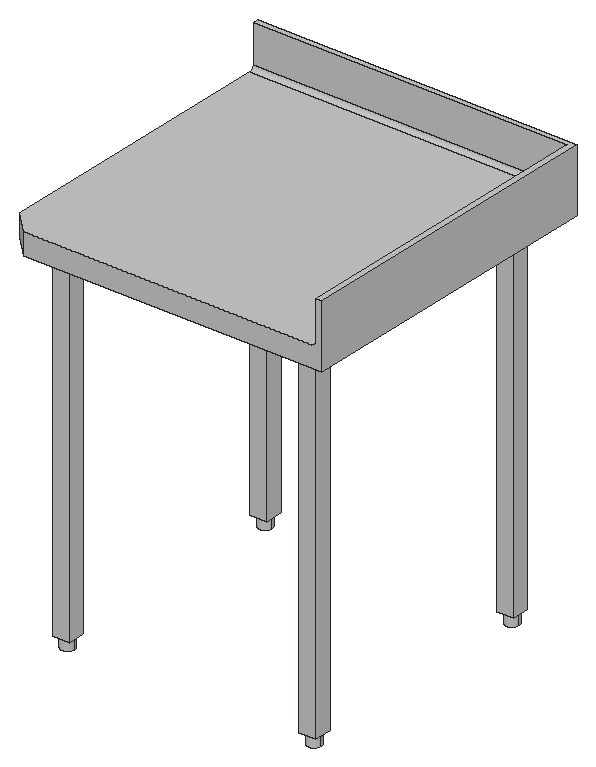
Revit family "QF_ZANUSSI_132760_TGAPN", category Attrezzature speciali, Revit 2020
Family settings
  Quota connettore circolare = Usa diametro
  Tipo di parte = Normale
  Basato su piano di lavoro = No
  Sempre verticale = Sì
  Taglio con vuoti quando caricato = No
  Condiviso = No
  Punto di calcolo locali = No
Parameters (values of type "Standard")
  Weight = 35.00 kg
  Watts = 0 W
  Volts = 0 V
  URL Manufacturer = "http://www.zanussiprofessional.com"
  URL = "http://www.zanussiprofessional.com"
  Steam Supply Size = 0 mm
  Steam Supply Minimum Pressure = 0.0 Pa
  Steam Supply Maximum Pressure = 0.0 Pa
  Steam Consumption per Hour = 0
  Refrigeration Suction Line Size = 0.0 mm
  Refrigeration Liquid Line Size = 0.0 mm
  Refrigerant Compressor Remote = yes
  Prospetto di default = 0.0 mm
  Produttore = "Zanussi"
  Phase = 0
  Modello = "TGAPN"
  Length Actual = 750.0 mm  # constant formula
  Item Number = "132760"
  Hot Water Size = 0 mm
  Height Actual = 1000.0 mm  # constant formula
  HP = "0 HP"
  Gas Size = 0 mm
  Gas KW = 0
  Gas Input Pressure = 0 W
  Direct Waste Size = 0 mm
  Descrizione = "CORNER TYPE WORK TABLE 750X750 MM"
  Depth Actual = 750.0 mm  # constant formula
  Cycle = 0 Hz
  Condensate Return Size = 0 mm
  Compressed Air Volume = 0.0 L/s
  Compressed Air Size = 0 mm
  Compressed Air Pressure = 0.0 Pa
  Cold Water Size = 0 mm
  Accessory = yes
Reference planes
  plane 1 "Center (Front/Back)": y = 0
  plane 2: z = 0
  plane 3 "Center (Left/Right)": x = 0
  plane 4 "LEFT": x = -375
  plane 5 "RIGHT": x = 375
  plane 6 "BACK": y = 375
  plane 7 "FRONT": y = -375
  plane 8 "Base": z = 850
  plane 9 "TOP": z = 900
  plane 10: x = -290.5
  plane 11: x = 290.5
  plane 12: y = 290.5
  plane 13: y = -290.5
Forms (mm)
  Extrusion 1, solid, material "QF_Finishes_Stainless Steel"
    sketch origin (0, 0, 0) x (0, 1, 0) y (0, 0, 1)
      loop
        line (375, 900) -> (375, 1000) -> (362, 1000) -> (362, 910)
        arc (362, 910) -> (359.071, 902.929) -> (352, 900) r 10
        line (352, 900) -> (375, 900)
    from 375 to -375
  Extrusion 2, solid, material "QF_Finishes_Stainless Steel"
    sketch origin (0, 0, -100) x (1, 0, 0) y (0, 0, 1)
      loop
        line (375, 1000) -> (375, 1100) -> (362, 1100) -> (362, 1010)
        arc (362, 1010) -> (359.071, 1002.929) -> (352, 1000) r 10
        line (352, 1000) -> (375, 1000)
    from 375 to -375
  Extrusion 3, solid, material "QF_Finishes_Stainless Steel"
    sketch origin (0, 0, 850) x (0, 1, 0) y (-1, 0, 0)
      loop
        line (-375, 325) -> (-375, -375) -> (375, -375) -> (375, 375) -> (-325, 375) -> (-375, 325)
    from 0 to 50
Cuts and joins
  joined: Extrusion 1, Extrusion 2, Extrusion 3
Lines and regions (mm)
  symbolic lines
    curve 1: line (375, 375, 900) -> (-375, 375, 900)
    curve 2: line (-375, 375, 900) -> (-375, -325, 900)
    curve 3: line (-325, -375, 900) -> (375, -375, 900)
    curve 4: line (375, -375, 900) -> (375, 375, 900)
    curve 5: line (362, 362, 900) -> (-375, 362, 900)
    curve 6: line (362, 362, 900) -> (362, -375, 900)
    curve 7: line (-375, -325, 900) -> (-325, -375, 900)
Dimensions and locks
  plane 4 "LEFT" to plane 5 "RIGHT" = 750.0 mm
  equal spacing: plane 4 "LEFT", plane 3 "Center (Left/Right)", plane 5 "RIGHT"
  equal spacing: plane 6 "BACK", plane 1 "Center (Front/Back)", plane 7 "FRONT"
  plane 6 "BACK" to plane 7 "FRONT" = 750.0 mm
  locked: plane 8 "Base" to level at 850
  plane 6 "BACK" to plane 12 = 84.5 mm
  plane 13 to plane 7 "FRONT" = 84.5 mm
  plane 4 "LEFT" to plane 10 = 84.5 mm
  plane 11 to plane 5 "RIGHT" = 84.5 mm
  plane 10 to plane 11 = 581.0 mm
  plane 12 to plane 13 = 581.0 mm
  locked: Extrusion 1 to level at 1000
  plane 9 "TOP" to level = 900.0 mm
  aligned and locked: level to plane 2
  aligned and locked: plane 10 to nested 1
  aligned and locked: nested 1 to plane 13
  aligned and locked: plane 11 to nested 2
  aligned and locked: nested 2 to plane 13
  aligned and locked: plane 11 to nested 4
  aligned and locked: nested 4 to plane 12
  aligned and locked: plane 10 to nested 3
  aligned and locked: nested 3 to plane 12
  aligned and locked: Extrusion 1 to plane 4 "LEFT"
  aligned and locked: plane 5 "RIGHT" to Extrusion 1
  aligned and locked: plane 6 "BACK" to Extrusion 2
  aligned and locked: Extrusion 2 to plane 7 "FRONT"
  aligned and locked: Extrusion 3 sketch curve to plane 4 "LEFT"
  aligned and locked: plane 6 "BACK" to Extrusion 3 sketch curve
  aligned and locked: plane 5 "RIGHT" to Extrusion 3 sketch curve
  aligned and locked: plane 9 "TOP" to cut or joined group of Extrusion 1, Extrusion 2, Extrusion 3
  aligned and locked: cut or joined group of Extrusion 1, Extrusion 2, Extrusion 3 to plane 4 "LEFT"
  aligned and locked: plane 5 "RIGHT" to cut or joined group of Extrusion 1, Extrusion 2, Extrusion 3
  aligned and locked: plane 6 "BACK" to cut or joined group of Extrusion 1, Extrusion 2, Extrusion 3
  aligned and locked: cut or joined group of Extrusion 1, Extrusion 2, Extrusion 3 to plane 7 "FRONT"
Automatic sketch dimensions
  Extrusion 1 sketch curve to plane 9 "TOP" = 0.0 mm
  Extrusion 1 sketch curve to plane 6 "BACK" = 0.0 mm
  Extrusion 1 sketch curve to plane 6 "BACK" = 13.0 mm
  Extrusion 1 sketch curve to Extrusion 1 sketch curve = 10.0 mm
  Extrusion 1 sketch curve to Extrusion 1 sketch curve = 90.0 mm
  Extrusion 2 sketch curve to plane 5 "RIGHT" = 0.0 mm
  Extrusion 2 sketch curve to plane 5 "RIGHT" = 13.0 mm
  Extrusion 2 sketch curve to Extrusion 2 sketch curve = 10.0 mm
  plane 9 "TOP" to Extrusion 2 sketch curve = 0.0 mm
  Extrusion 2 sketch curve to Extrusion 2 sketch curve = 90.0 mm
  Extrusion 3 sketch curve to plane 7 "FRONT" = 0.0 mm
  Extrusion 3 sketch curve to plane 13 = 34.5 mm
  Extrusion 3 sketch curve to plane 10 = 34.5 mm
  curve 4 to plane 5 "RIGHT" = 0.0 mm
  curve 4 to plane 7 "FRONT" = 0.0 mm
  curve 2 to plane 4 "LEFT" = 0.0 mm
  curve 4 to plane 6 "BACK" = 0.0 mm
  curve 5 to plane 6 "BACK" = 13.0 mm
  curve 6 to plane 5 "RIGHT" = 13.0 mm
  curve 2 to plane 13 = 34.5 mm
  curve 3 to plane 10 = 34.5 mm
Nested families
  nested 1: "FEET_40x40" at (-290.5, -290.5, 0), type "FEET_40x40"
  nested 2: "FEET_40x40" at (290.5, -290.5, 0), type "FEET_40x40"
  nested 3: "FEET_40x40" at (-290.5, 290.5, 0), type "FEET_40x40"
  nested 4: "FEET_40x40" at (290.5, 290.5, 0), type "FEET_40x40"
Definition of nested family "FEET_40x40"
  Parameters
    Default Elevation = 0.0 mm
    FEET = 850.0 mm
  Reference planes
    plane 1 "Center (Front/Back)": y = 0
    plane 2: z = 0
    plane 3 "Center (Left/Right)": x = 0
    plane 4: z = 850
  Forms (mm)
    Extrusion 1, solid
      sketch origin (0, 0, 0) x (1, 0, 0) y (0, 1, 0)
        loop
          line (-20, -20) -> (20, -20) -> (20, 20) -> (-20, 20) -> (-20, -20)
      from 25 to 845
    Extrusion 2, solid
      sketch origin (0, 0, 0) x (1, 0, 0) y (0, 1, 0)
        loop
          circle (0, 0) r 16
      from 0 to 25
    Extrusion 3, solid
      sketch origin (0, 0, 0) x (1, 0, 0) y (0, 1, 0)
        loop
          line (30, 30) -> (-30, 30) -> (-30, -30) -> (30, -30) -> (30, 30)
      from 845 to 850
  Lines and regions (mm)
    symbolic lines
      curve 1: line (0, -1.503, 0) -> (0, 1.508, 0)
      curve 2: line (1.561, 0, 0) -> (-1.439, 0, 0)
  Dimensions and locks
    "FEET": plane 4 to plane 2
    aligned and locked: level to plane 2
  Automatic sketch dimensions
    Extrusion 1 sketch curve to plane 3 "Center (Left/Right)" = 20.0 mm
    plane 3 "Center (Left/Right)" to Extrusion 1 sketch curve = 20.0 mm
    plane 1 "Center (Front/Back)" to Extrusion 1 sketch curve = 20.0 mm
    Extrusion 1 sketch curve to plane 1 "Center (Front/Back)" = 20.0 mm
    plane 1 "Center (Front/Back)" to Extrusion 2 sketch curve = 0.0 mm
    Extrusion 2 sketch curve to plane 3 "Center (Left/Right)" = 0.0 mm
    plane 3 "Center (Left/Right)" to Extrusion 3 sketch curve = 30.0 mm
    Extrusion 3 sketch curve to plane 1 "Center (Front/Back)" = 30.0 mm
    Extrusion 3 sketch curve to plane 3 "Center (Left/Right)" = 30.0 mm
    plane 1 "Center (Front/Back)" to Extrusion 3 sketch curve = 30.0 mm
    plane 1 "Center (Front/Back)" to curve 2 = 0.0 mm
    curve 1 to plane 3 "Center (Left/Right)" = 0.0 mm
    curve 2 to plane 3 "Center (Left/Right)" = 1.439 mm
    plane 3 "Center (Left/Right)" to curve 2 = 1.561 mm
    plane 1 "Center (Front/Back)" to curve 1 = 1.503 mm
    curve 1 to plane 1 "Center (Front/Back)" = 1.508 mm
    radius of Extrusion 2 sketch curve = 16.0 mm
